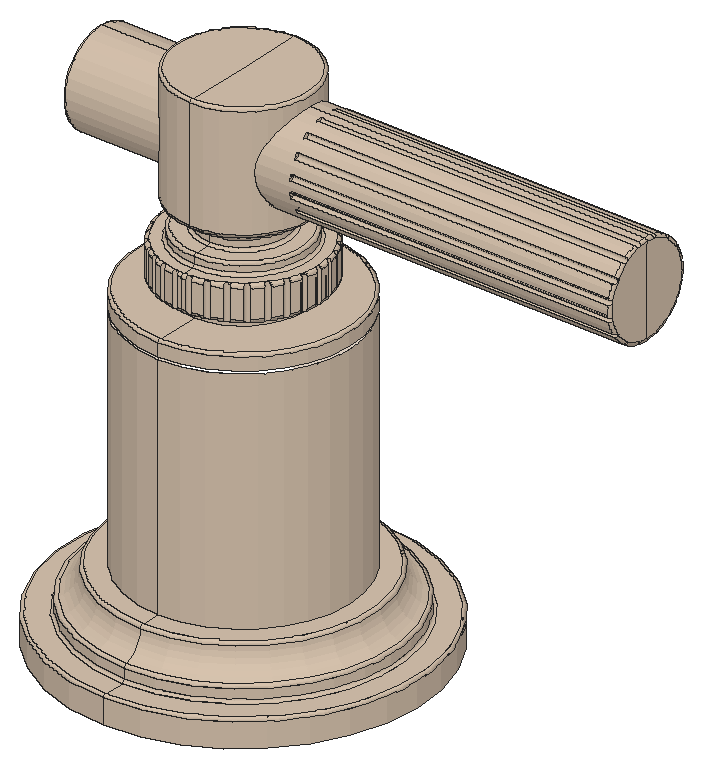
Revit family "Faucet-Handle-KALLISTA-Central_Park_West-P21248", category Plumbing Fixtures, host Face, Revit 2021
Family settings
  Host = Face
  Round Connector Dimension = Use Diameter
  Part Type = Normal
  OmniClass Number = 23.31.11.00
  OmniClass Title = Faucets
  Cut with Voids When Loaded = No
  Shared = No
  Room Calculation Point = No
Parameters (values of type "BAF-Brushed French Gold")
  Width = 2 67/128"  # constant formula
  WaterSense Certified = 1 = 0  # no
  Waste Water Outlet = "Waste Water Outlet"  # constant formula
  Waste Connection = 1 = 0  # no
  Vent Connection = 1 = 0  # no
  URL = "https://www.kallista.com/"
  Type = 1
  Spout Reach = 0"
  Product Page URL = "https://www.kallista.com/bathroom/faucets/diverters/central-park-west-deck-mount-diverter-lever-handle-p21248-lv-baf"
  Product Name = "CENTRAL PARK WEST"  # constant formula
  Product Documentation Link = "https://resources.kohler.com/interiors/kallista/pdf/1363538-4.pdf"
  Pressure = 0.00 psi
  Model = if(Type = 1, "P21248-LV-BAF", if(Type = 2, "P21248-LV-BN", if(Type = 3, "P21248-LV-BV", if(Type = 4, "P21248-LV-CP", if(Type = 5, "P21248-LV-SN", if(Type = 6, "P21248-LV-ULB", "NA"))))))  # "P21248-LV-BAF"
  Material = "Premium Metal Construction"  # constant formula
  Master Format 2014 Name = "Residential Faucets, Supplies, and Trim"  # constant formula
  Master Format 2014 = "22 41 39"  # constant formula
  Manufacturer Address = "444 Highland Dr, Kohler, WI 53044"  # constant formula
  Manufacturer = "Kallista Co."  # constant formula
  Length = 2 67/128"  # constant formula
  Hot Water Inlet = "Hot Water Inlet"  # constant formula
  Height = 3 179/256"  # constant formula
  Handle Clearance = 2 235/256"  # constant formula
  HW Connection = 1 = 0  # no
  Flow Rate = 0 GPM
  Finish = Kallista-Metal-BAF-Brushed_French_Gold
  Faucet Hole Spacing = 0"
  Environmental Product Declaration = ""
  Drain Included = 1 = 0  # no
  Description = "DECK-MOUNT DIVERTER, LEVER HANDLE"  # constant formula
  Default Elevation = 36"
  Declare Label = ""
  Date Modified = "11/01/2022"  # constant formula
  Date Created = "11/01/2022"  # constant formula
  Copyright = "Copyright Kohler Co."  # constant formula
  Contact Us = "https://www.kallista.com/corporate/contact-us/"
  Cold Water Inlet = "Cold Water Inlet"  # constant formula
  CW Connection = 1 = 1  # yes
  Assembly Code = "D2010"
  ADA Compliant = 1 = 1  # yes
Reference planes (in)
  plane 1 "Center (Front/Back)": y = 0
  plane 2: z = 0
  plane 3 "Center (Left/Right)": x = 0
  plane 4: z = 3.61417
  plane 5: z = 2.94882
  plane 6: x = 1.26181
  plane 7: x = -1.26181
  plane 8: z = 3.69899
  plane 9: z = 3.2815
  plane 10: z = 2.94882
  plane 11: z = 3.69922
  plane 12: z = 3.2815
  plane 13: x = -2.69522
  plane 14: x = 1.26181
  plane 15: x = -2.69522
  plane 16: x = 1.26163
  plane 17: z = 3.61417
  plane 18: y = 0.76772
  plane 19: y = -0.76772
  plane 20: y = 1.26181
  plane 21: y = -1.26181
  plane 22: y = 1.26181
  plane 23: y = 0.76772
  plane 24: y = -0.76772
  plane 25: y = -1.26163
  plane 26: x = 2.91732
  plane 27: x = 2.91797
  plane 28: x = 2.91732
  plane 29: x = -1.03971
Dimensions and locks (in)
  "Length": plane 7 to plane 16
  "Width": plane 25 to plane 22
  "Handle Clearance": plane 3 "Center (Left/Right)" to plane 27
  "Height": plane 11 to level
  aligned and locked: plane 2 to host face
  aligned and locked: level to host face
Automatic sketch dimensions
  host sketch curve to host sketch curve = 96"  (x2)
Nested families (in)
  nested 1: "P21248" at (0, 0, 0), type "P21248"
Connectors (in)
  piping at (0, 0, 0), diameter 0.5, driven by "CW Connection", driven by "Cold Water Inlet"
    settings: on nested 1, index 1, connector inside diameter 24", connector length 0", flow factor 0, pipe flow 0 GPM, pressure drop 0.00 psi, fitting loss kfactor 0, connector angle 0.00°, fixture units 0, engagement length 0", angle of deflection 0.00°, flow configuration 0, flow direction 1, fitting loss method 0, system type 20, joint type 0, gender type 0, connector reference index -1, connector utility 1, adjustable connector no, is connector primary yes, connector description "Cold Water Inlet"
Definition of nested family "P21248"
  Parameters (values of type "P21248")
    Material = none
    Default Elevation = 0"
  Reference planes (in)
    plane 1 "Center (Front/Back)": y = 0
    plane 2: z = 0
    plane 3 "Center (Left/Right)": x = 0
    plane 4: y = 1.26181
    plane 5: y = -1.26181
    plane 6: y = 0.76772
    plane 7: y = -0.76772
    plane 8: z = 3.61417
    plane 9: z = 3.69899
    plane 10: z = 2.94882
    plane 11: y = 0.33268
    plane 12: y = -0.33268
    plane 13: x = -1.26181
    plane 14: x = 1.26181
    plane 15: x = 2.91732
    plane 16: z = 3.2815
  Forms (in)
    Revolve 1, solid, material <- "Material", detail levels medium+fine
      sketch origin (0, 0, 0) x (0, 1, 0) y (0, 0, 1)
        loop
          line (0, 0) -> (0, 3.69899) -> (-0.459, 3.69899)
          arc (-0.459, 3.69899) -> (-0.47288, 3.69324) -> (-0.47863, 3.67936) r 0.01963
          line (-0.47863, 3.67936) -> (-0.47863, 2.88259)
          arc (-0.47863, 2.88259) -> (-0.47286, 2.86867) -> (-0.45894, 2.86291) r 0.01969
          line (-0.45894, 2.86291) -> (-0.40221, 2.86291)
          arc (-0.40221, 2.86291) -> (-0.38829, 2.85714) -> (-0.38252, 2.84322) r 0.01969
          line (-0.38252, 2.84322) -> (-0.38252, 2.81168)
          arc (-0.38252, 2.81168) -> (-0.37676, 2.79776) -> (-0.36284, 2.79199) r 0.01969
          line (-0.36284, 2.79199) -> (-0.32065, 2.79199)
          arc (-0.32065, 2.79199) -> (-0.30674, 2.78623) -> (-0.30097, 2.77231) r 0.01969
          line (-0.30097, 2.77231) -> (-0.30097, 2.70343)
          arc (-0.30097, 2.70343) -> (-0.30678, 2.68941) -> (-0.3208, 2.6836) r 0.01983
          line (-0.3208, 2.6836) -> (-0.42084, 2.6836)
          arc (-0.42084, 2.6836) -> (-0.43475, 2.67784) -> (-0.44052, 2.66392) r 0.01969
          line (-0.44052, 2.66392) -> (-0.44052, 2.62111)
          arc (-0.44052, 2.62111) -> (-0.44632, 2.60711) -> (-0.46032, 2.60131) r 0.0198
          line (-0.46032, 2.60131) -> (-0.53478, 2.60131)
          arc (-0.53478, 2.60131) -> (-0.54972, 2.59512) -> (-0.55592, 2.58018) r 0.02114
          line (-0.55592, 2.58018) -> (-0.55592, 2.37569)
          arc (-0.55592, 2.37569) -> (-0.55015, 2.36177) -> (-0.53623, 2.35601) r 0.01969
          line (-0.53623, 2.35601) -> (-0.45986, 2.35601)
          arc (-0.45986, 2.35601) -> (-0.44594, 2.35024) -> (-0.44018, 2.33632) r 0.01969
          line (-0.44018, 2.33632) -> (-0.44018, 2.2741) -> (-0.74814, 2.2741)
          arc (-0.74814, 2.2741) -> (-0.76198, 2.26837) -> (-0.76772, 2.25452) r 0.01958
          line (-0.76772, 2.25452) -> (-0.76772, 2.16416) -> (-0.73471, 2.16416) -> (-0.76772, 2.14433) -> (-0.76772, 0.49518) -> (-0.90199, 0.49518)
          arc (-0.90199, 0.49518) -> (-0.91692, 0.48911) -> (-0.92339, 0.47436) r 0.02141
          arc (-0.92339, 0.47436) -> (-0.95903, 0.36902) -> (-1.04772, 0.30195) r 0.18903
          arc (-1.04772, 0.30195) -> (-1.06481, 0.2956) -> (-1.07199, 0.27884) r 0.02314
          line (-1.07199, 0.27884) -> (-1.07199, 0.21271)
          arc (-1.07199, 0.21271) -> (-1.07775, 0.19879) -> (-1.09167, 0.19302) r 0.01969
          line (-1.09167, 0.19302) -> (-1.24206, 0.19302)
          arc (-1.24206, 0.19302) -> (-1.25603, 0.18724) -> (-1.26181, 0.17327) r 0.01975
          line (-1.26181, 0.17327) -> (-1.26181, 0) -> (0, 0)
        axis (0, 0) -> (0, 3.69899)
      angle from 0 to 360
    Extrusion 2, void
      sketch origin (0, 0, 0) x (1, 0, 0) y (0, 1, 0)
        loop
          arc (0.03127, 0.55501) -> (0.04958, 0.5335) -> (0.07135, 0.5515) r 0.02012
          line (0.07135, 0.5515) -> (0.08075, 0.58655) -> (0.03127, 0.58655) -> (0.03127, 0.55501)
      from 2.33004 to 2.65106
    Extrusion 3, void
      sketch origin (0, 0, 0) x (0.982955, -0.183844, 0) y (0.183844, 0.982955, 0)
        loop
          arc (0.03127, 0.55501) -> (0.04958, 0.5335) -> (0.07135, 0.5515) r 0.02012
          line (0.07135, 0.5515) -> (0.08075, 0.58655) -> (0.03127, 0.58655) -> (0.03127, 0.55501)
      from 2.33004 to 2.65106
    Extrusion 4, void
      sketch origin (0, 0, 0) x (0.932431, -0.361348, 0) y (0.361348, 0.932431, 0)
        loop
          arc (0.03127, 0.55501) -> (0.04958, 0.5335) -> (0.07135, 0.5515) r 0.02012
          line (0.07135, 0.5515) -> (0.08075, 0.58655) -> (0.03127, 0.58655) -> (0.03127, 0.55501)
      from 2.33004 to 2.65106
    Extrusion 5, void
      sketch origin (0, 0, 0) x (0.850106, -0.526611, 0) y (0.526611, 0.850106, 0)
        loop
          arc (0.03127, 0.55501) -> (0.04958, 0.5335) -> (0.07135, 0.5515) r 0.02012
          line (0.07135, 0.5515) -> (0.08075, 0.58655) -> (0.03127, 0.58655) -> (0.03127, 0.55501)
      from 2.33004 to 2.65106
    Extrusion 6, void
      sketch origin (0, 0, 0) x (0.735592, -0.677425, 0) y (0.677425, 0.735592, 0)
        loop
          arc (0.03127, 0.55501) -> (0.04958, 0.5335) -> (0.07135, 0.5515) r 0.02012
          line (0.07135, 0.5515) -> (0.08075, 0.58655) -> (0.03127, 0.58655) -> (0.03127, 0.55501)
      from 2.33004 to 2.65106
    Extrusion 7, void
      sketch origin (0, 0, 0) x (0.599261, -0.800554, 0) y (0.800554, 0.599261, 0)
        loop
          arc (0.03127, 0.55501) -> (0.04958, 0.5335) -> (0.07135, 0.5515) r 0.02012
          line (0.07135, 0.5515) -> (0.08075, 0.58655) -> (0.03127, 0.58655) -> (0.03127, 0.55501)
      from 2.33004 to 2.65106
    Extrusion 8, void
      sketch origin (0, 0, 0) x (0.44187, -0.897079, 0) y (0.897079, 0.44187, 0)
        loop
          arc (0.03127, 0.55501) -> (0.04958, 0.5335) -> (0.07135, 0.5515) r 0.02012
          line (0.07135, 0.5515) -> (0.08075, 0.58655) -> (0.03127, 0.58655) -> (0.03127, 0.55501)
      from 2.33004 to 2.65106
    Extrusion 9, void
      sketch origin (0, 0, 0) x (0.264836, -0.964293, 0) y (0.964293, 0.264836, 0)
        loop
          arc (0.03127, 0.55501) -> (0.04958, 0.5335) -> (0.07135, 0.5515) r 0.02012
          line (0.07135, 0.5515) -> (0.08075, 0.58655) -> (0.03127, 0.58655) -> (0.03127, 0.55501)
      from 2.33004 to 2.65106
    Extrusion 10, void
      sketch origin (0, 0, 0) x (-1, 0, 0) y (0, -1, 0)
        loop
          line (0.03127, -0.55501) -> (0.03127, -0.58655) -> (0.08075, -0.58655) -> (0.07135, -0.5515)
          arc (0.07135, -0.5515) -> (0.04958, -0.5335) -> (0.03127, -0.55501) r 0.02012
      from 2.33004 to 2.65106
    Extrusion 11, void
      sketch origin (0, 0, 0) x (-0.982955, -0.183844, 0) y (0.183844, -0.982955, 0)
        loop
          line (0.03127, -0.55501) -> (0.03127, -0.58655) -> (0.08075, -0.58655) -> (0.07135, -0.5515)
          arc (0.07135, -0.5515) -> (0.04958, -0.5335) -> (0.03127, -0.55501) r 0.02012
      from 2.33004 to 2.65106
    Extrusion 12, void
      sketch origin (0, 0, 0) x (-0.932431, -0.361348, 0) y (0.361348, -0.932431, 0)
        loop
          line (0.03127, -0.55501) -> (0.03127, -0.58655) -> (0.08075, -0.58655) -> (0.07135, -0.5515)
          arc (0.07135, -0.5515) -> (0.04958, -0.5335) -> (0.03127, -0.55501) r 0.02012
      from 2.33004 to 2.65106
    Extrusion 13, void
      sketch origin (0, 0, 0) x (-0.850106, -0.526611, 0) y (0.526611, -0.850106, 0)
        loop
          line (0.03127, -0.55501) -> (0.03127, -0.58655) -> (0.08075, -0.58655) -> (0.07135, -0.5515)
          arc (0.07135, -0.5515) -> (0.04958, -0.5335) -> (0.03127, -0.55501) r 0.02012
      from 2.33004 to 2.65106
    Extrusion 14, void
      sketch origin (0, 0, 0) x (-0.735592, -0.677425, 0) y (0.677425, -0.735592, 0)
        loop
          line (0.03127, -0.55501) -> (0.03127, -0.58655) -> (0.08075, -0.58655) -> (0.07135, -0.5515)
          arc (0.07135, -0.5515) -> (0.04958, -0.5335) -> (0.03127, -0.55501) r 0.02012
      from 2.33004 to 2.65106
    Extrusion 15, void
      sketch origin (0, 0, 0) x (-0.599261, -0.800554, 0) y (0.800554, -0.599261, 0)
        loop
          line (0.03127, -0.55501) -> (0.03127, -0.58655) -> (0.08075, -0.58655) -> (0.07135, -0.5515)
          arc (0.07135, -0.5515) -> (0.04958, -0.5335) -> (0.03127, -0.55501) r 0.02012
      from 2.33004 to 2.65106
    Extrusion 16, void
      sketch origin (0, 0, 0) x (-0.44187, -0.897079, 0) y (0.897079, -0.44187, 0)
        loop
          line (0.03127, -0.55501) -> (0.03127, -0.58655) -> (0.08075, -0.58655) -> (0.07135, -0.5515)
          arc (0.07135, -0.5515) -> (0.04958, -0.5335) -> (0.03127, -0.55501) r 0.02012
      from 2.33004 to 2.65106
    Extrusion 17, void
      sketch origin (0, 0, 0) x (-0.264836, -0.964293, 0) y (0.964293, -0.264836, 0)
        loop
          line (0.03127, -0.55501) -> (0.03127, -0.58655) -> (0.08075, -0.58655) -> (0.07135, -0.5515)
          arc (0.07135, -0.5515) -> (0.04958, -0.5335) -> (0.03127, -0.55501) r 0.02012
      from 2.33004 to 2.65106
    Extrusion 18, void
      sketch origin (0, 0, 0) x (-1, 0, 0) y (0, -1, 0)
        loop
          arc (0.03127, 0.55501) -> (0.04958, 0.5335) -> (0.07135, 0.5515) r 0.02012
          line (0.07135, 0.5515) -> (0.08075, 0.58655) -> (0.03127, 0.58655) -> (0.03127, 0.55501)
      from 2.33004 to 2.65106
    Extrusion 19, void
      sketch origin (0, 0, 0) x (-0.982955, 0.183844, 0) y (-0.183844, -0.982955, 0)
        loop
          arc (0.03127, 0.55501) -> (0.04958, 0.5335) -> (0.07135, 0.5515) r 0.02012
          line (0.07135, 0.5515) -> (0.08075, 0.58655) -> (0.03127, 0.58655) -> (0.03127, 0.55501)
      from 2.33004 to 2.65106
    Extrusion 20, void
      sketch origin (0, 0, 0) x (-0.932431, 0.361348, 0) y (-0.361348, -0.932431, 0)
        loop
          arc (0.03127, 0.55501) -> (0.04958, 0.5335) -> (0.07135, 0.5515) r 0.02012
          line (0.07135, 0.5515) -> (0.08075, 0.58655) -> (0.03127, 0.58655) -> (0.03127, 0.55501)
      from 2.33004 to 2.65106
    Extrusion 21, void
      sketch origin (0, 0, 0) x (-0.850106, 0.526611, 0) y (-0.526611, -0.850106, 0)
        loop
          arc (0.03127, 0.55501) -> (0.04958, 0.5335) -> (0.07135, 0.5515) r 0.02012
          line (0.07135, 0.5515) -> (0.08075, 0.58655) -> (0.03127, 0.58655) -> (0.03127, 0.55501)
      from 2.33004 to 2.65106
    Extrusion 22, void
      sketch origin (0, 0, 0) x (-0.735592, 0.677425, 0) y (-0.677425, -0.735592, 0)
        loop
          arc (0.03127, 0.55501) -> (0.04958, 0.5335) -> (0.07135, 0.5515) r 0.02012
          line (0.07135, 0.5515) -> (0.08075, 0.58655) -> (0.03127, 0.58655) -> (0.03127, 0.55501)
      from 2.33004 to 2.65106
    Extrusion 23, void
      sketch origin (0, 0, 0) x (-0.599261, 0.800554, 0) y (-0.800554, -0.599261, 0)
        loop
          arc (0.03127, 0.55501) -> (0.04958, 0.5335) -> (0.07135, 0.5515) r 0.02012
          line (0.07135, 0.5515) -> (0.08075, 0.58655) -> (0.03127, 0.58655) -> (0.03127, 0.55501)
      from 2.33004 to 2.65106
    Extrusion 24, void
      sketch origin (0, 0, 0) x (-0.44187, 0.897079, 0) y (-0.897079, -0.44187, 0)
        loop
          arc (0.03127, 0.55501) -> (0.04958, 0.5335) -> (0.07135, 0.5515) r 0.02012
          line (0.07135, 0.5515) -> (0.08075, 0.58655) -> (0.03127, 0.58655) -> (0.03127, 0.55501)
      from 2.33004 to 2.65106
    Extrusion 25, void
      sketch origin (0, 0, 0) x (-0.264836, 0.964293, 0) y (-0.964293, -0.264836, 0)
        loop
          arc (0.03127, 0.55501) -> (0.04958, 0.5335) -> (0.07135, 0.5515) r 0.02012
          line (0.07135, 0.5515) -> (0.08075, 0.58655) -> (0.03127, 0.58655) -> (0.03127, 0.55501)
      from 2.33004 to 2.65106
    Extrusion 26, void
      sketch origin (0, 0, 0) x (-0.983163, -0.182733, 0) y (0.182733, -0.983163, 0)
        loop
          arc (0.03127, 0.55501) -> (0.04958, 0.5335) -> (0.07135, 0.5515) r 0.02012
          line (0.07135, 0.5515) -> (0.08075, 0.58655) -> (0.03127, 0.58655) -> (0.03127, 0.55501)
      from 2.33004 to 2.65106
    Extrusion 27, void
      sketch origin (0, 0, 0) x (-0.923686, -0.383151, 0) y (0.383151, -0.923686, 0)
        loop
          arc (0.03127, 0.55501) -> (0.04958, 0.5335) -> (0.07135, 0.5515) r 0.02012
          line (0.07135, 0.5515) -> (0.08075, 0.58655) -> (0.03127, 0.58655) -> (0.03127, 0.55501)
      from 2.33004 to 2.65106
    Extrusion 28, void
      sketch origin (0, 0, 0) x (-0.823839, -0.566823, 0) y (0.566823, -0.823839, 0)
        loop
          arc (0.03127, 0.55501) -> (0.04958, 0.5335) -> (0.07135, 0.5515) r 0.02012
          line (0.07135, 0.5515) -> (0.08075, 0.58655) -> (0.03127, 0.58655) -> (0.03127, 0.55501)
      from 2.33004 to 2.65106
    Extrusion 29, void
      sketch origin (0, 0, 0) x (-0.687987, -0.725723, 0) y (0.725723, -0.687987, 0)
        loop
          arc (0.03127, 0.55501) -> (0.04958, 0.5335) -> (0.07135, 0.5515) r 0.02012
          line (0.07135, 0.5515) -> (0.08075, 0.58655) -> (0.03127, 0.58655) -> (0.03127, 0.55501)
      from 2.33004 to 2.65106
    Extrusion 30, void
      sketch origin (0, 0, 0) x (-0.522067, -0.852904, 0) y (0.852904, -0.522067, 0)
        loop
          arc (0.03127, 0.55501) -> (0.04958, 0.5335) -> (0.07135, 0.5515) r 0.02012
          line (0.07135, 0.5515) -> (0.08075, 0.58655) -> (0.03127, 0.58655) -> (0.03127, 0.55501)
      from 2.33004 to 2.65106
    Extrusion 31, void
      sketch origin (0, 0, 0) x (-0.33333, -0.94281, 0) y (0.94281, -0.33333, 0)
        loop
          arc (0.03127, 0.55501) -> (0.04958, 0.5335) -> (0.07135, 0.5515) r 0.02012
          line (0.07135, 0.5515) -> (0.08075, 0.58655) -> (0.03127, 0.58655) -> (0.03127, 0.55501)
      from 2.33004 to 2.65106
    Extrusion 32, void
      sketch origin (0, 0, 0) x (-0.130024, -0.991511, 0) y (0.991511, -0.130024, 0)
        loop
          arc (0.03127, 0.55501) -> (0.04958, 0.5335) -> (0.07135, 0.5515) r 0.02012
          line (0.07135, 0.5515) -> (0.08075, 0.58655) -> (0.03127, 0.58655) -> (0.03127, 0.55501)
      from 2.33004 to 2.65106
    Extrusion 33, void
      sketch origin (0, 0, 0) x (0.078964, -0.996877, 0) y (0.996877, 0.078964, 0)
        loop
          arc (0.03127, 0.55501) -> (0.04958, 0.5335) -> (0.07135, 0.5515) r 0.02012
          line (0.07135, 0.5515) -> (0.08075, 0.58655) -> (0.03127, 0.58655) -> (0.03127, 0.55501)
      from 2.33004 to 2.65106
    Extrusion 34, void
      sketch origin (0, 0, 0) x (-0.078964, -0.996877, 0) y (0.996877, -0.078964, 0)
        loop
          line (0.03127, -0.55501) -> (0.03127, -0.58655) -> (0.08075, -0.58655) -> (0.07135, -0.5515)
          arc (0.07135, -0.5515) -> (0.04958, -0.5335) -> (0.03127, -0.55501) r 0.02012
      from 2.33004 to 2.65106
    Extrusion 35, void
      sketch origin (0, 0, 0) x (0, 1, 0) y (0, 0, 1)
        loop
          arc (0.05247, 3.61001) -> (0.06758, 3.58623) -> (0.09132, 3.60139) r 0.0199
          line (0.09132, 3.60139) -> (0.1058, 3.63245) -> (0.06092, 3.64771) -> (0.05247, 3.61001)
      from 0.6012 to 2.96127
    Extrusion 36, void
      sketch origin (0, -1.25575, 0.24978) x (0, 0.923882, -0.382677) y (0, 0.382677, 0.923882)
        loop
          arc (0.05247, 3.61001) -> (0.06758, 3.58623) -> (0.09132, 3.60139) r 0.0199
          line (0.09132, 3.60139) -> (0.1058, 3.63245) -> (0.06092, 3.64771) -> (0.05247, 3.61001)
      from 0.6012 to 2.96127
    Extrusion 37, void
      sketch origin (0, -2.32179, 0.96255) x (0, 0.706672, -0.707541) y (0, 0.707541, 0.706672)
        loop
          arc (0.05247, 3.61001) -> (0.06758, 3.58623) -> (0.09132, 3.60139) r 0.0199
          line (0.09132, 3.60139) -> (0.1058, 3.63245) -> (0.06092, 3.64771) -> (0.05247, 3.61001)
      from 0.6012 to 2.96127
    Extrusion 38, void
      sketch origin (0, -3.03413, 2.03159) x (0, 0.380896, -0.924618) y (0, 0.924618, 0.380896)
        loop
          arc (0.05247, 3.61001) -> (0.06758, 3.58623) -> (0.09132, 3.60139) r 0.0199
          line (0.09132, 3.60139) -> (0.1058, 3.63245) -> (0.06092, 3.64771) -> (0.05247, 3.61001)
      from 0.6012 to 2.96127
    Extrusion 39, void
      sketch origin (0, 0, 0) x (0, -1, 0) y (0, 0, -1)
        loop
          line (0.05247, -3.61001) -> (0.06092, -3.64771) -> (0.1058, -3.63245) -> (0.09132, -3.60139)
          arc (0.09132, -3.60139) -> (0.06758, -3.58623) -> (0.05247, -3.61001) r 0.0199
      from 0.6012 to 2.96127
    Extrusion 40, void
      sketch origin (0, 1.25575, 0.24978) x (0, -0.923882, -0.382677) y (0, 0.382677, -0.923882)
        loop
          line (0.05247, -3.61001) -> (0.06092, -3.64771) -> (0.1058, -3.63245) -> (0.09132, -3.60139)
          arc (0.09132, -3.60139) -> (0.06758, -3.58623) -> (0.05247, -3.61001) r 0.0199
      from 0.6012 to 2.96127
    Extrusion 41, void
      sketch origin (0, 2.32179, 0.96255) x (0, -0.706672, -0.707541) y (0, 0.707541, -0.706672)
        loop
          line (0.05247, -3.61001) -> (0.06092, -3.64771) -> (0.1058, -3.63245) -> (0.09132, -3.60139)
          arc (0.09132, -3.60139) -> (0.06758, -3.58623) -> (0.05247, -3.61001) r 0.0199
      from 0.6012 to 2.96127
    Extrusion 42, void
      sketch origin (0, 3.03413, 2.03159) x (0, -0.380896, -0.924618) y (0, 0.924618, -0.380896)
        loop
          line (0.05247, -3.61001) -> (0.06092, -3.64771) -> (0.1058, -3.63245) -> (0.09132, -3.60139)
          arc (0.09132, -3.60139) -> (0.06758, -3.58623) -> (0.05247, -3.61001) r 0.0199
      from 0.6012 to 2.96127
    Extrusion 43, void
      sketch origin (0, 0, 6.56299) x (0, 1, 0) y (0, 0, 1)
        loop
          line (0.05247, -3.61001) -> (0.06092, -3.64771) -> (0.1058, -3.63245) -> (0.09132, -3.60139)
          arc (0.09132, -3.60139) -> (0.06758, -3.58623) -> (0.05247, -3.61001) r 0.0199
      from 0.6012 to 2.96127
    Extrusion 44, void
      sketch origin (0, -1.25575, 6.31321) x (0, 0.923882, 0.382677) y (0, -0.382677, 0.923882)
        loop
          line (0.05247, -3.61001) -> (0.06092, -3.64771) -> (0.1058, -3.63245) -> (0.09132, -3.60139)
          arc (0.09132, -3.60139) -> (0.06758, -3.58623) -> (0.05247, -3.61001) r 0.0199
      from 0.6012 to 3.04547
    Extrusion 45, void
      sketch origin (0, -2.32179, 5.60044) x (0, 0.706672, 0.707541) y (0, -0.707541, 0.706672)
        loop
          line (0.05247, -3.61001) -> (0.06092, -3.64771) -> (0.1058, -3.63245) -> (0.09132, -3.60139)
          arc (0.09132, -3.60139) -> (0.06758, -3.58623) -> (0.05247, -3.61001) r 0.0199
      from 0.6012 to 2.96127
    Extrusion 46, void
      sketch origin (0, -3.03413, 4.53141) x (0, 0.380896, 0.924618) y (0, -0.924618, 0.380896)
        loop
          line (0.05247, -3.61001) -> (0.06092, -3.64771) -> (0.1058, -3.63245) -> (0.09132, -3.60139)
          arc (0.09132, -3.60139) -> (0.06758, -3.58623) -> (0.05247, -3.61001) r 0.0199
      from 0.6012 to 2.96127
    Extrusion 47, void
      sketch origin (0, 0, 6.56299) x (0, -1, 0) y (0, 0, -1)
        loop
          arc (0.05247, 3.61001) -> (0.06758, 3.58623) -> (0.09132, 3.60139) r 0.0199
          line (0.09132, 3.60139) -> (0.1058, 3.63245) -> (0.06092, 3.64771) -> (0.05247, 3.61001)
      from 0.6012 to 2.96127
    Extrusion 48, void
      sketch origin (0, 1.25575, 6.31321) x (0, -0.923882, 0.382677) y (0, -0.382677, -0.923882)
        loop
          arc (0.05247, 3.61001) -> (0.06758, 3.58623) -> (0.09132, 3.60139) r 0.0199
          line (0.09132, 3.60139) -> (0.1058, 3.63245) -> (0.06092, 3.64771) -> (0.05247, 3.61001)
      from 0.6012 to 2.96127
    Extrusion 49, void
      sketch origin (0, 2.32179, 5.60044) x (0, -0.706672, 0.707541) y (0, -0.707541, -0.706672)
        loop
          arc (0.05247, 3.61001) -> (0.06758, 3.58623) -> (0.09132, 3.60139) r 0.0199
          line (0.09132, 3.60139) -> (0.1058, 3.63245) -> (0.06092, 3.64771) -> (0.05247, 3.61001)
      from 0.6012 to 2.96127
    Extrusion 50, void
      sketch origin (0, 3.03413, 4.53141) x (0, -0.380896, 0.924618) y (0, -0.924618, -0.380896)
        loop
          arc (0.05247, 3.61001) -> (0.06758, 3.58623) -> (0.09132, 3.60139) r 0.0199
          line (0.09132, 3.60139) -> (0.1058, 3.63245) -> (0.06092, 3.64771) -> (0.05247, 3.61001)
      from 0.6012 to 2.96127
    Revolve 51, solid, material <- "Material", detail levels medium+fine
      sketch origin (0, 0, 0) x (1, 0, 0) y (0, 0, 1)
        loop
          line (-1.03848, 3.2815) -> (2.91732, 3.2815) -> (2.91732, 3.59449)
          arc (2.91732, 3.59449) -> (2.91156, 3.60841) -> (2.89764, 3.61417) r 0.01969
          line (2.89764, 3.61417) -> (-1.01879, 3.61417)
          arc (-1.01879, 3.61417) -> (-1.03271, 3.60841) -> (-1.03848, 3.59449) r 0.01969
          line (-1.03848, 3.59449) -> (-1.03848, 3.2815)
        axis (-1.03848, 3.2815) -> (2.91732, 3.2815)
      angle from 0 to 360
    Revolve 52, solid, material <- "Material", detail levels coarse
      sketch origin (0, 0, 0) x (1, 0, 0) y (0, 0, 1)
        loop
          line (-0.00264, 0) -> (-0.00264, 3.70045) -> (-0.47712, 3.70045) -> (-0.47712, 2.95006) -> (-0.47712, 2.86291) -> (-0.38324, 2.86291) -> (-0.38324, 2.79199) -> (-0.29978, 2.79199) -> (-0.29978, 2.68562) -> (-0.43996, 2.68562) -> (-0.43996, 2.60334) -> (-0.5582, 2.60334) -> (-0.5582, 2.35589) -> (-0.44112, 2.35589) -> (-0.44112, 2.26683) -> (-0.76772, 2.26683) -> (-0.76772, 2.16416) -> (-0.73471, 2.16416) -> (-0.76772, 2.14433) -> (-0.76772, 0.49518) -> (-0.90199, 0.49518) -> (-1.09016, 0.19685) -> (-1.26181, 0.19685) -> (-1.26181, 0) -> (-0.00264, 0)
        axis (0, 0) -> (0, 3.70045)
      angle from 0 to 360
    Revolve 53, solid, material <- "Material", detail levels coarse
      sketch origin (0, 0, 0) x (1, 0, 0) y (0, 0, 1)
        loop
          line (-1.03848, 3.2815) -> (2.91732, 3.2815) -> (2.91732, 3.61417) -> (-1.03848, 3.61417) -> (-1.03848, 3.2815)
        axis (-1.03848, 3.2815) -> (2.91732, 3.2815)
      angle from 0 to 360
  Cuts and joins
    Extrusion 2, Extrusion 3, Extrusion 4, Extrusion 5, Extrusion 6, Extrusion 7, Extrusion 8, Extrusion 9, Extrusion 10, Extrusion 11, Extrusion 12, Extrusion 13, Extrusion 14, Extrusion 15, Extrusion 16, Extrusion 17, Extrusion 18, Extrusion 19, Extrusion 20, Extrusion 21, Extrusion 22, Extrusion 23, Extrusion 24, Extrusion 25, Extrusion 26, Extrusion 27, Extrusion 28, Extrusion 29, Extrusion 30, Extrusion 31, Extrusion 32, Extrusion 33, Extrusion 34, Extrusion 35 cuts Revolve 1
    Extrusion 35, Extrusion 36, Extrusion 37, Extrusion 38, Extrusion 39, Extrusion 40, Extrusion 41, Extrusion 42, Extrusion 43, Extrusion 44, Extrusion 45, Extrusion 46, Extrusion 47, Extrusion 48, Extrusion 49, Extrusion 50 cuts Revolve 51
  Lines and regions (in)
    Masking region 1
      outline origin (0, 0, 0) x (0, 1, 0) y (0, 0, 1)
        loop
          line (0, 0) -> (1.26181, 0) -> (1.26181, 0.17327)
          arc (1.26181, 0.17327) -> (1.25603, 0.18724) -> (1.24206, 0.19302) r 0.01975
          line (1.24206, 0.19302) -> (1.09167, 0.19302)
          arc (1.09167, 0.19302) -> (1.07775, 0.19879) -> (1.07199, 0.21271) r 0.01969
          line (1.07199, 0.21271) -> (1.07199, 0.27884)
          arc (1.07199, 0.27884) -> (1.06481, 0.2956) -> (1.04772, 0.30195) r 0.02314
          arc (1.04772, 0.30195) -> (0.95903, 0.36902) -> (0.92339, 0.47436) r 0.18903
          arc (0.92339, 0.47436) -> (0.91692, 0.48911) -> (0.90199, 0.49518) r 0.02141
          line (0.90199, 0.49518) -> (0.76772, 0.49518) -> (0.76772, 2.14433) -> (0.73471, 2.16416) -> (0.76772, 2.16416) -> (0.76772, 2.25452)
          arc (0.76772, 2.25452) -> (0.76198, 2.26837) -> (0.74814, 2.2741) r 0.01958
          line (0.74814, 2.2741) -> (0.44018, 2.2741) -> (0.44018, 2.33632)
          arc (0.44018, 2.33632) -> (0.44594, 2.35024) -> (0.45986, 2.35601) r 0.01969
          line (0.45986, 2.35601) -> (0.53623, 2.35601)
          arc (0.53623, 2.35601) -> (0.55015, 2.36177) -> (0.55592, 2.37569) r 0.01969
          line (0.55592, 2.37569) -> (0.55592, 2.58018)
          arc (0.55592, 2.58018) -> (0.54972, 2.59512) -> (0.53478, 2.60131) r 0.02114
          line (0.53478, 2.60131) -> (0.46032, 2.60131)
          arc (0.46032, 2.60131) -> (0.44632, 2.60711) -> (0.44052, 2.62111) r 0.0198
          line (0.44052, 2.62111) -> (0.44052, 2.66392)
          arc (0.44052, 2.66392) -> (0.43475, 2.67784) -> (0.42084, 2.6836) r 0.01969
          line (0.42084, 2.6836) -> (0.3208, 2.6836)
          arc (0.3208, 2.6836) -> (0.30678, 2.68941) -> (0.30097, 2.70343) r 0.01983
          line (0.30097, 2.70343) -> (0.30097, 2.77231)
          arc (0.30097, 2.77231) -> (0.30674, 2.78623) -> (0.32065, 2.79199) r 0.01969
          line (0.32065, 2.79199) -> (0.36284, 2.79199)
          arc (0.36284, 2.79199) -> (0.37676, 2.79776) -> (0.38252, 2.81168) r 0.01969
          line (0.38252, 2.81168) -> (0.38252, 2.84322)
          arc (0.38252, 2.84322) -> (0.38829, 2.85714) -> (0.40221, 2.86291) r 0.01969
          line (0.40221, 2.86291) -> (0.45894, 2.86291)
          arc (0.45894, 2.86291) -> (0.47286, 2.86867) -> (0.47863, 2.88259) r 0.01969
          line (0.47863, 2.88259) -> (0.47863, 3.67936)
          arc (0.47863, 3.67936) -> (0.47288, 3.69324) -> (0.459, 3.69899) r 0.01963
          line (0.459, 3.69899) -> (0, 3.69899) -> (-0.459, 3.69899)
          arc (-0.459, 3.69899) -> (-0.47288, 3.69324) -> (-0.47863, 3.67936) r 0.01963
          line (-0.47863, 3.67936) -> (-0.47863, 2.88259)
          arc (-0.47863, 2.88259) -> (-0.47286, 2.86867) -> (-0.45894, 2.86291) r 0.01969
          line (-0.45894, 2.86291) -> (-0.40221, 2.86291)
          arc (-0.40221, 2.86291) -> (-0.38829, 2.85714) -> (-0.38252, 2.84322) r 0.01969
          line (-0.38252, 2.84322) -> (-0.38252, 2.81168)
          arc (-0.38252, 2.81168) -> (-0.37676, 2.79776) -> (-0.36284, 2.79199) r 0.01969
          line (-0.36284, 2.79199) -> (-0.32065, 2.79199)
          arc (-0.32065, 2.79199) -> (-0.30674, 2.78623) -> (-0.30097, 2.77231) r 0.01969
          line (-0.30097, 2.77231) -> (-0.30097, 2.70343)
          arc (-0.30097, 2.70343) -> (-0.30678, 2.68941) -> (-0.3208, 2.6836) r 0.01983
          line (-0.3208, 2.6836) -> (-0.42084, 2.6836)
          arc (-0.42084, 2.6836) -> (-0.43475, 2.67784) -> (-0.44052, 2.66392) r 0.01969
          line (-0.44052, 2.66392) -> (-0.44052, 2.62111)
          arc (-0.44052, 2.62111) -> (-0.44632, 2.60711) -> (-0.46032, 2.60131) r 0.0198
          line (-0.46032, 2.60131) -> (-0.53478, 2.60131)
          arc (-0.53478, 2.60131) -> (-0.54972, 2.59512) -> (-0.55592, 2.58018) r 0.02114
          line (-0.55592, 2.58018) -> (-0.55592, 2.37569)
          arc (-0.55592, 2.37569) -> (-0.55015, 2.36177) -> (-0.53623, 2.35601) r 0.01969
          line (-0.53623, 2.35601) -> (-0.45986, 2.35601)
          arc (-0.45986, 2.35601) -> (-0.44594, 2.35024) -> (-0.44018, 2.33632) r 0.01969
          line (-0.44018, 2.33632) -> (-0.44018, 2.2741) -> (-0.74814, 2.2741)
          arc (-0.74814, 2.2741) -> (-0.76198, 2.26837) -> (-0.76772, 2.25452) r 0.01958
          line (-0.76772, 2.25452) -> (-0.76772, 2.16416) -> (-0.73471, 2.16416) -> (-0.76772, 2.14433) -> (-0.76772, 0.49518) -> (-0.90199, 0.49518)
          arc (-0.90199, 0.49518) -> (-0.91692, 0.48911) -> (-0.92339, 0.47436) r 0.02141
          arc (-0.92339, 0.47436) -> (-0.95903, 0.36902) -> (-1.04772, 0.30195) r 0.18903
          arc (-1.04772, 0.30195) -> (-1.06481, 0.2956) -> (-1.07199, 0.27884) r 0.02314
          line (-1.07199, 0.27884) -> (-1.07199, 0.21271)
          arc (-1.07199, 0.21271) -> (-1.07775, 0.19879) -> (-1.09167, 0.19302) r 0.01969
          line (-1.09167, 0.19302) -> (-1.24206, 0.19302)
          arc (-1.24206, 0.19302) -> (-1.25603, 0.18724) -> (-1.26181, 0.17327) r 0.01975
          line (-1.26181, 0.17327) -> (-1.26181, 0) -> (0, 0)
    Masking region 2
      outline origin (0, 0, 0) x (1, 0, 0) y (0, 0, 1)
        loop
          line (0, 0) -> (1.26181, 0) -> (1.26181, 0.17327)
          arc (1.26181, 0.17327) -> (1.25603, 0.18724) -> (1.24206, 0.19302) r 0.01975
          line (1.24206, 0.19302) -> (1.09167, 0.19302)
          arc (1.09167, 0.19302) -> (1.07775, 0.19879) -> (1.07199, 0.21271) r 0.01969
          line (1.07199, 0.21271) -> (1.07199, 0.27884)
          arc (1.07199, 0.27884) -> (1.06481, 0.2956) -> (1.04772, 0.30195) r 0.02314
          arc (1.04772, 0.30195) -> (0.95903, 0.36902) -> (0.92339, 0.47436) r 0.18903
          arc (0.92339, 0.47436) -> (0.91692, 0.48911) -> (0.90199, 0.49518) r 0.02141
          line (0.90199, 0.49518) -> (0.76772, 0.49518) -> (0.76772, 2.14433) -> (0.73471, 2.16416) -> (0.76772, 2.16416) -> (0.76772, 2.25452)
          arc (0.76772, 2.25452) -> (0.76198, 2.26837) -> (0.74814, 2.2741) r 0.01958
          line (0.74814, 2.2741) -> (0.44018, 2.2741) -> (0.44018, 2.33632)
          arc (0.44018, 2.33632) -> (0.44594, 2.35024) -> (0.45986, 2.35601) r 0.01969
          line (0.45986, 2.35601) -> (0.53623, 2.35601)
          arc (0.53623, 2.35601) -> (0.55015, 2.36177) -> (0.55592, 2.37569) r 0.01969
          line (0.55592, 2.37569) -> (0.55592, 2.58018)
          arc (0.55592, 2.58018) -> (0.54972, 2.59512) -> (0.53478, 2.60131) r 0.02114
          line (0.53478, 2.60131) -> (0.46032, 2.60131)
          arc (0.46032, 2.60131) -> (0.44632, 2.60711) -> (0.44052, 2.62111) r 0.0198
          line (0.44052, 2.62111) -> (0.44052, 2.66392)
          arc (0.44052, 2.66392) -> (0.43475, 2.67784) -> (0.42084, 2.6836) r 0.01969
          line (0.42084, 2.6836) -> (0.3208, 2.6836)
          arc (0.3208, 2.6836) -> (0.30678, 2.68941) -> (0.30097, 2.70343) r 0.01983
          line (0.30097, 2.70343) -> (0.30097, 2.77231)
          arc (0.30097, 2.77231) -> (0.30674, 2.78623) -> (0.32065, 2.79199) r 0.01969
          line (0.32065, 2.79199) -> (0.36284, 2.79199)
          arc (0.36284, 2.79199) -> (0.37676, 2.79776) -> (0.38252, 2.81168) r 0.01969
          line (0.38252, 2.81168) -> (0.38252, 2.84322)
          arc (0.38252, 2.84322) -> (0.38829, 2.85714) -> (0.40221, 2.86291) r 0.01969
          line (0.40221, 2.86291) -> (0.45894, 2.86291)
          arc (0.45894, 2.86291) -> (0.47286, 2.86867) -> (0.47863, 2.88259) r 0.01969
          line (0.47863, 2.88259) -> (0.47863, 2.94882) -> (2.89764, 2.94882)
          arc (2.89764, 2.94882) -> (2.91156, 2.95458) -> (2.91732, 2.9685) r 0.01969
          line (2.91732, 2.9685) -> (2.91732, 3.2815) -> (2.91732, 3.59449)
          arc (2.91732, 3.59449) -> (2.91156, 3.60841) -> (2.89764, 3.61417) r 0.01969
          line (2.89764, 3.61417) -> (0.47863, 3.61417) -> (0.47863, 3.67936)
          arc (0.47863, 3.67936) -> (0.47288, 3.69324) -> (0.459, 3.69899) r 0.01963
          line (0.459, 3.69899) -> (0, 3.69899) -> (-0.459, 3.69899)
          arc (-0.459, 3.69899) -> (-0.47288, 3.69324) -> (-0.47863, 3.67936) r 0.01963
          line (-0.47863, 3.67936) -> (-0.47863, 3.61417) -> (-1.01879, 3.61417)
          arc (-1.01879, 3.61417) -> (-1.03271, 3.60841) -> (-1.03848, 3.59449) r 0.01969
          line (-1.03848, 3.59449) -> (-1.03848, 3.2815) -> (-1.03848, 2.9685)
          arc (-1.03848, 2.9685) -> (-1.03271, 2.95458) -> (-1.01879, 2.94882) r 0.01969
          line (-1.01879, 2.94882) -> (-0.47863, 2.94882) -> (-0.47863, 2.88259)
          arc (-0.47863, 2.88259) -> (-0.47286, 2.86867) -> (-0.45894, 2.86291) r 0.01969
          line (-0.45894, 2.86291) -> (-0.40221, 2.86291)
          arc (-0.40221, 2.86291) -> (-0.38829, 2.85714) -> (-0.38252, 2.84322) r 0.01969
          line (-0.38252, 2.84322) -> (-0.38252, 2.81168)
          arc (-0.38252, 2.81168) -> (-0.37676, 2.79776) -> (-0.36284, 2.79199) r 0.01969
          line (-0.36284, 2.79199) -> (-0.32065, 2.79199)
          arc (-0.32065, 2.79199) -> (-0.30674, 2.78623) -> (-0.30097, 2.77231) r 0.01969
          line (-0.30097, 2.77231) -> (-0.30097, 2.70343)
          arc (-0.30097, 2.70343) -> (-0.30678, 2.68941) -> (-0.3208, 2.6836) r 0.01983
          line (-0.3208, 2.6836) -> (-0.42084, 2.6836)
          arc (-0.42084, 2.6836) -> (-0.43475, 2.67784) -> (-0.44052, 2.66392) r 0.01969
          line (-0.44052, 2.66392) -> (-0.44052, 2.62111)
          arc (-0.44052, 2.62111) -> (-0.44632, 2.60711) -> (-0.46032, 2.60131) r 0.0198
          line (-0.46032, 2.60131) -> (-0.53478, 2.60131)
          arc (-0.53478, 2.60131) -> (-0.54972, 2.59512) -> (-0.55592, 2.58018) r 0.02114
          line (-0.55592, 2.58018) -> (-0.55592, 2.37569)
          arc (-0.55592, 2.37569) -> (-0.55015, 2.36177) -> (-0.53623, 2.35601) r 0.01969
          line (-0.53623, 2.35601) -> (-0.45986, 2.35601)
          arc (-0.45986, 2.35601) -> (-0.44594, 2.35024) -> (-0.44018, 2.33632) r 0.01969
          line (-0.44018, 2.33632) -> (-0.44018, 2.2741) -> (-0.74814, 2.2741)
          arc (-0.74814, 2.2741) -> (-0.76198, 2.26837) -> (-0.76772, 2.25452) r 0.01958
          line (-0.76772, 2.25452) -> (-0.76772, 2.16416) -> (-0.73471, 2.16416) -> (-0.76772, 2.14433) -> (-0.76772, 0.49518) -> (-0.90199, 0.49518)
          arc (-0.90199, 0.49518) -> (-0.91692, 0.48911) -> (-0.92339, 0.47436) r 0.02141
          arc (-0.92339, 0.47436) -> (-0.95903, 0.36902) -> (-1.04772, 0.30195) r 0.18903
          arc (-1.04772, 0.30195) -> (-1.06481, 0.2956) -> (-1.07199, 0.27884) r 0.02314
          line (-1.07199, 0.27884) -> (-1.07199, 0.21271)
          arc (-1.07199, 0.21271) -> (-1.07775, 0.19879) -> (-1.09167, 0.19302) r 0.01969
          line (-1.09167, 0.19302) -> (-1.24206, 0.19302)
          arc (-1.24206, 0.19302) -> (-1.25603, 0.18724) -> (-1.26181, 0.17327) r 0.01975
          line (-1.26181, 0.17327) -> (-1.26181, 0) -> (0, 0)
    Masking region 3
      outline origin (0, 0, 0) x (1, 0, 0) y (0, 1, 0)
        loop
          arc (2.91755, 0.31299) -> (2.91178, 0.32691) -> (2.89786, 0.33268) r 0.01969
          line (2.89786, 0.33268) -> (1.21717, 0.33268)
          arc (1.21717, 0.33268) -> (-1.26181, 0) -> (1.21717, -0.33268) r 1.26181
          line (1.21717, -0.33268) -> (2.89786, -0.33268)
          arc (2.89786, -0.33268) -> (2.91178, -0.32691) -> (2.91755, -0.31299) r 0.01969
          line (2.91755, -0.31299) -> (2.91755, 0) -> (2.91755, 0.31299)
    symbolic lines, detail levels medium+fine
      curve 1: line (-0.40221, 0, 2.86291) -> (0.40221, 0, 2.86291)
      curve 2: line (-0.32065, 0, 2.79199) -> (0.32065, 0, 2.79199)
      curve 3: line (-0.30097, 0, 2.70343) -> (0.30097, 0, 2.70343)
      curve 4: line (-0.3208, 0, 2.6836) -> (0.3208, 0, 2.6836)
      curve 5: line (-0.44052, 0, 2.62111) -> (0.44052, 0, 2.62111)
      curve 6: line (-0.48411, 0, 2.60131) -> (0.48411, 0, 2.60131)
      curve 7: line (-0.48411, 0, 2.35588) -> (0.51173, 0, 2.35588)
      curve 8: line (-0.44018, 0, 2.2741) -> (0.44018, 0, 2.2741)
      curve 9: line (-0.73471, 0, 2.16416) -> (0.73471, 0, 2.16416)
      curve 10: line (-0.90199, 0, 0.49518) -> (0, 0, 0.49518)
      curve 11: line (0, 0, 0.49518) -> (0.90199, 0, 0.49518)
      curve 12: line (-1.04772, 0, 0.30195) -> (1.04772, 0, 0.30195)
      curve 13: line (-1.07199, 0, 0.21271) -> (1.07199, 0, 0.21271)
      curve 14: line (-1.09167, 0, 0.19302) -> (1.09167, 0, 0.19302)
      curve 15: line (-0.92339, 0, 0.47436) -> (0.92339, 0, 0.47436)
      curve 16: line (-1.07199, 0, 0.27884) -> (1.07199, 0, 0.27884)
      curve 17: arc (-0.47863, 0, 3.61417) -> (-0.3208, 0, 3.2815) -> (-0.47863, 0, 2.94882) r 0.42953
      curve 18: arc (0.47863, 0, 3.61417) -> (0.3208, 0, 3.2815) -> (0.47863, 0, 2.94882) r 0.42953
      curve 19: line (-0.51173, 0, 2.60131) -> (-0.51173, 0, 2.35729)
      curve 20: line (-0.48411, 0, 2.35588) -> (-0.48411, 0, 2.60131)
      curve 21: line (-0.42595, 0, 2.35588) -> (-0.42595, 0, 2.60131)
      curve 22: line (-0.399, 0, 2.60131) -> (-0.399, 0, 2.35588)
      curve 23: line (-0.35097, 0, 2.35588) -> (-0.35097, 0, 2.60131)
      curve 24: line (-0.31887, 0, 2.60131) -> (-0.31887, 0, 2.35588)
      curve 25: line (-0.26573, 0, 2.35588) -> (-0.26573, 0, 2.60131)
      curve 26: line (-0.22972, 0, 2.60131) -> (-0.22972, 0, 2.35588)
      curve 27: line (-0.17148, 0, 2.35588) -> (-0.17148, 0, 2.60131)
      curve 28: line (-0.13278, 0, 2.60131) -> (-0.13278, 0, 2.35588)
      curve 29: line (-0.07134, 0, 2.35588) -> (-0.07134, 0, 2.60131)
      curve 30: line (-0.03127, 0, 2.60131) -> (-0.03127, 0, 2.35588)
      curve 31: line (0.51173, 0, 2.60131) -> (0.51173, 0, 2.35588)
      curve 32: line (0.48411, 0, 2.35588) -> (0.48411, 0, 2.60131)
      curve 33: line (0.399, 0, 2.60131) -> (0.399, 0, 2.35588)
      curve 34: line (0.35097, 0, 2.35588) -> (0.35097, 0, 2.60131)
      curve 35: line (0.31887, 0, 2.60131) -> (0.31887, 0, 2.35588)
      curve 36: line (0.26573, 0, 2.35588) -> (0.26573, 0, 2.60131)
      curve 37: line (0.22972, 0, 2.60131) -> (0.22972, 0, 2.35588)
      curve 38: line (0.17148, 0, 2.35588) -> (0.17148, 0, 2.60131)
      curve 39: line (0.13278, 0, 2.60131) -> (0.13278, 0, 2.35588)
      curve 40: line (0.07134, 0, 2.35588) -> (0.07134, 0, 2.60131)
      curve 41: line (0.03127, 0, 2.60131) -> (0.03127, 0, 2.35588)
      curve 42: line (0.42595, 0, 2.35588) -> (0.42595, 0, 2.60131)
      curve 43: arc (0, 0, 3.61417) -> (0, 0.33268, 3.2815) -> (0, 0, 2.94882) r 0.33268
      curve 44: arc (0, 0, 2.94882) -> (0, -0.33268, 3.2815) -> (0, 0, 3.61417) r 0.33268
      curve 45: line (0, -0.74814, 2.2741) -> (0, 0.74814, 2.2741)
      curve 46: line (0, -0.52881, 2.35601) -> (0, 0.52881, 2.35601)
      curve 47: line (0, -0.90199, 0.49518) -> (0, 0.90199, 0.49518)
      curve 48: line (0, 1.04772, 0.30195) -> (0, -1.04772, 0.30195)
      curve 49: line (0, 1.07199, 0.21271) -> (0, -1.07199, 0.21271)
      curve 50: line (0, 1.09167, 0.19302) -> (0, -1.09167, 0.19302)
      curve 51: line (0, 1.07199, 0.27884) -> (0, -1.07199, 0.27884)
      curve 52: line (0, 0.92339, 0.47436) -> (0, -0.92339, 0.47436)
      curve 53: line (0, 0.73471, 2.16416) -> (0, -0.73471, 2.16416)
      curve 54: line (0, 0.40221, 2.86291) -> (0, -0.40221, 2.86291)
      curve 55: line (0, 0.38252, 2.84322) -> (0, -0.40488, 2.84322)
      curve 56: line (0, 0.32065, 2.79199) -> (0, -0.32065, 2.79199)
      curve 57: line (0, 0.30097, 2.70343) -> (0, -0.30097, 2.70343)
      curve 58: line (0, 0.3208, 2.6836) -> (0, -0.33268, 2.6836)
      curve 59: line (0, 0.30097, 2.77231) -> (0, -0.30097, 2.77231)
      curve 60: line (0, 0.44052, 2.62111) -> (0, -0.45537, 2.62111)
      curve 61: line (0, 0.45537, 2.60131) -> (0, -0.48829, 2.60131)
      curve 62: line (0, 0.52881, 2.58018) -> (0, 0.52881, 2.35601)
      curve 63: line (0, 0.50623, 2.37569) -> (0, 0.50623, 2.58018)
      curve 64: line (0, 0.48829, 2.58018) -> (0, 0.48829, 2.37569)
      curve 65: line (0, 0.45537, 2.37569) -> (0, 0.45537, 2.60131)
      curve 66: line (0, 0.43111, 2.58018) -> (0, 0.43111, 2.37569)
      curve 67: line (0, 0.38709, 2.37569) -> (0, 0.38709, 2.58018)
      curve 68: line (0, 0.35722, 2.58018) -> (0, 0.35722, 2.37569)
      curve 69: line (0, 0.30758, 2.37569) -> (0, 0.30758, 2.58018)
      curve 70: line (0, 0.27328, 2.58018) -> (0, 0.27328, 2.37569)
      curve 71: line (0, 0.2172, 2.37569) -> (0, 0.2172, 2.58018)
      curve 72: line (0, 0.17962, 2.58018) -> (0, 0.17962, 2.37569)
      curve 73: line (0, 0.11684, 2.37569) -> (0, 0.11684, 2.58018)
      curve 74: line (0, 0.07722, 2.58018) -> (0, 0.07722, 2.37569)
      curve 75: line (0, 0.01265, 2.37569) -> (0, 0.01265, 2.58018)
      curve 76: line (0, 0.52881, 2.58018) -> (0, 0.52881, 2.35601)
      curve 77: line (0, 0.52881, 2.60045) -> (0, 0.52881, 2.35601)
      curve 78: line (0, 0.50623, 2.35601) -> (0, 0.50623, 2.60131)
      curve 79: line (0, 0.48829, 2.60131) -> (0, 0.48829, 2.35601)
      curve 80: line (0, 0.45537, 2.35601) -> (0, 0.45537, 2.60131)
      curve 81: line (0, 0.43111, 2.60131) -> (0, 0.43111, 2.35601)
      curve 82: line (0, 0.38709, 2.35601) -> (0, 0.38709, 2.60131)
      curve 83: line (0, 0.35722, 2.60131) -> (0, 0.35722, 2.35601)
      curve 84: line (0, 0.30758, 2.35601) -> (0, 0.30758, 2.60131)
      curve 85: line (0, 0.27328, 2.60131) -> (0, 0.27328, 2.35601)
      curve 86: line (0, 0.2172, 2.35601) -> (0, 0.2172, 2.60131)
      curve 87: line (0, 0.17962, 2.60131) -> (0, 0.17962, 2.35601)
      curve 88: line (0, 0.11684, 2.35601) -> (0, 0.11684, 2.60131)
      curve 89: line (0, 0.07722, 2.60131) -> (0, 0.07722, 2.35601)
      curve 90: line (0, 0.01265, 2.35601) -> (0, 0.01265, 2.60131)
      curve 91: line (0, -0.52881, 2.60045) -> (0, -0.52881, 2.35601)
      curve 92: line (0, -0.50623, 2.35601) -> (0, -0.50623, 2.60131)
      curve 93: line (0, -0.48829, 2.60131) -> (0, -0.48829, 2.35601)
      curve 94: line (0, -0.45537, 2.35601) -> (0, -0.45537, 2.62111)
      curve 95: line (0, -0.43111, 2.60131) -> (0, -0.43111, 2.35601)
      curve 96: line (0, -0.38709, 2.35601) -> (0, -0.38709, 2.60131)
      curve 97: line (0, -0.35722, 2.60131) -> (0, -0.35722, 2.35601)
      curve 98: line (0, -0.30758, 2.35601) -> (0, -0.30758, 2.60131)
      curve 99: line (0, -0.27328, 2.60131) -> (0, -0.27328, 2.35601)
      curve 100: line (0, -0.2172, 2.35601) -> (0, -0.2172, 2.60131)
      curve 101: line (0, -0.17962, 2.60131) -> (0, -0.17962, 2.35601)
      curve 102: line (0, -0.11684, 2.35601) -> (0, -0.11684, 2.60131)
      curve 103: line (0, -0.07722, 2.60131) -> (0, -0.07722, 2.35601)
      curve 104: line (0, -0.01265, 2.35601) -> (0, -0.01265, 2.60131)
      curve 105: line (0, 0.47863, 3.67936) -> (0, -0.47863, 3.67936)
      curve 106: arc (0, -1.04772, 0) -> (0.61203, -0.85038, 0) -> (0.9935, -0.33268, 0) r 1.04772
      curve 107: arc (0, 1.04772, 0) -> (-1.04772, 0, 0) -> (0, -1.04772, 0) r 1.04772
      curve 108: arc (0, 0.76772, 0) -> (0.40865, 0.64992, 0) -> (0.69189, 0.33268, 0) r 0.76772
      curve 109: arc (0, -0.76772, 0) -> (-0.40865, -0.64992, 0) -> (-0.69189, -0.33268, 0) r 0.76772
      curve 110: arc (0, -0.55592, 0) -> (-0.01564, -0.55569, 0) -> (-0.03127, -0.55503, 0) r 0.55592
      curve 111: arc (0, 0.55592, 0) -> (0.01564, 0.55569, 0) -> (0.03127, 0.55503, 0) r 0.55592
      curve 112: arc (-0.48, 0, 0) -> (0, 0.48, 0) -> (0.48, 0, 0) r 0.48
      curve 113: arc (0.48, 0, 0) -> (0, -0.48, 0) -> (-0.48, 0, 0) r 0.48
      curve 114: arc (-0.07134, 0.55132, 0) -> (-0.04948, 0.53351, 0) -> (-0.03127, 0.55503, 0) r 0.02012
      curve 115: arc (0.03127, 0.55503, 0) -> (0.04948, 0.53351, 0) -> (0.07134, 0.55132, 0) r 0.02012
      curve 116: arc (0.13278, 0.53983, 0) -> (0.14672, 0.51532, 0) -> (0.17148, 0.52881, 0) r 0.02012
      curve 117: arc (0.22972, 0.50623, 0) -> (0.23892, 0.47958, 0) -> (0.26573, 0.48829, 0) r 0.02012
      curve 118: arc (0.31887, 0.45537, 0) -> (0.32302, 0.42748, 0) -> (0.35097, 0.43111, 0) r 0.02012
      curve 119: arc (0.399, 0.38709, 0) -> (0.39781, 0.35893, 0) -> (0.42595, 0.35722, 0) r 0.02012
      curve 120: arc (-0.17148, 0.52881, 0) -> (-0.14672, 0.51532, 0) -> (-0.13278, 0.53983, 0) r 0.02012
      curve 121: arc (-0.26573, 0.48829, 0) -> (-0.23892, 0.47958, 0) -> (-0.22972, 0.50623, 0) r 0.02012
      curve 122: arc (-0.35097, 0.43111, 0) -> (-0.32302, 0.42748, 0) -> (-0.31887, 0.45537, 0) r 0.02012
      curve 123: arc (-0.42595, 0.35722, 0) -> (-0.39781, 0.35893, 0) -> (-0.399, 0.38709, 0) r 0.02012
      curve 124: arc (-0.399, -0.38709, 0) -> (-0.39781, -0.35893, 0) -> (-0.42595, -0.35722, 0) r 0.02012
      curve 125: arc (-0.31887, -0.45537, 0) -> (-0.32302, -0.42748, 0) -> (-0.35097, -0.43111, 0) r 0.02012
      curve 126: arc (-0.22972, -0.50623, 0) -> (-0.23892, -0.47958, 0) -> (-0.26573, -0.48829, 0) r 0.02012
      curve 127: arc (-0.13278, -0.53983, 0) -> (-0.14672, -0.51532, 0) -> (-0.17148, -0.52881, 0) r 0.02012
      curve 128: arc (-0.03127, -0.55503, 0) -> (-0.04948, -0.53351, 0) -> (-0.07134, -0.55132, 0) r 0.02012
      curve 129: arc (0.07068, -0.5514, 0) -> (0.04884, -0.53357, 0) -> (0.03061, -0.55507, 0) r 0.02012
      curve 130: line (-0.9935, 0.33268, 0) -> (-0.9935, -0.33268, 0)
      curve 131: line (1.21717, -0.33268, 0) -> (0.9935, -0.33268, 0)
      curve 132: line (-0.9935, 0.33268, 0) -> (-0.69189, 0.33268, 0)
      curve 133: line (0.34601, 0.33268, 0) -> (0.44538, 0.33268, 0)
      curve 134: line (-0.34601, -0.33268, 0) -> (-0.44538, -0.33268, 0)
      curve 135: line (-0.69189, 0.33268, 0) -> (-0.65508, 0.33268, 0)
      curve 136: line (-0.65508, 0.33268, 0) -> (-0.44538, 0.33268, 0)
      curve 137: line (-0.69189, -0.33268, 0) -> (-0.9935, -0.33268, 0)
      curve 138: line (-0.65508, -0.33268, 0) -> (-0.69189, -0.33268, 0)
      curve 139: arc (-0.69189, 0.33268, 0) -> (-0.40865, 0.64992, 0) -> (0, 0.76772, 0) r 0.76772
      curve 140: arc (-0.65508, -0.33268, 0) -> (0, -0.73471, 0) -> (0.65508, -0.33268, 0) r 0.73471
      curve 141: line (-0.44538, 0.33268, 0) -> (-0.34601, 0.33268, 0)
      curve 142: line (-0.44538, -0.33268, 0) -> (-0.65508, -0.33268, 0)
      curve 143: arc (-0.44538, 0.33268, 0) -> (-0.43584, 0.34509, 0) -> (-0.42595, 0.35722, 0) r 0.55592
      curve 144: line (0.44538, 0.33268, 0) -> (0.65508, 0.33268, 0)
      curve 145: line (0.44538, -0.33268, 0) -> (0.4252, -0.33268, 0)
      curve 146: arc (0.44538, -0.33268, 0) -> (0.43584, -0.34509, 0) -> (0.42595, -0.35722, 0) r 0.55592
      curve 147: line (0.4252, -0.33268, 0) -> (0.34601, -0.33268, 0)
      curve 148: line (0.65508, 0.33268, 0) -> (0.69189, 0.33268, 0)
      curve 149: line (0.69189, -0.33268, 0) -> (0.44538, -0.33268, 0)
      curve 150: arc (0.65508, 0.33268, 0) -> (0, 0.73471, 0) -> (-0.65508, 0.33268, 0) r 0.73471
      curve 151: line (0.69189, 0.33268, 0) -> (0.9935, 0.33268, 0)
      curve 152: arc (0.69189, -0.33268, 0) -> (0.40865, -0.64992, 0) -> (0, -0.76772, 0) r 0.76772
      curve 153: line (0.9935, 0.33268, 0) -> (1.21717, 0.33268, 0)
      curve 154: line (0.9935, -0.33268, 0) -> (0.69189, -0.33268, 0)
      curve 155: arc (0.9935, 0.33268, 0) -> (0.61203, 0.85038, 0) -> (0, 1.04772, 0) r 1.04772
      curve 156: arc (-0.399, 0.38709, 0) -> (-0.37563, 0.40981, 0) -> (-0.35097, 0.43111, 0) r 0.55592
      curve 157: arc (-0.31887, 0.45537, 0) -> (-0.29277, 0.47258, 0) -> (-0.26573, 0.48829, 0) r 0.55592
      curve 158: arc (-0.22972, 0.50623, 0) -> (-0.20092, 0.51834, 0) -> (-0.17148, 0.52881, 0) r 0.55592
      curve 159: arc (-0.13278, 0.53983, 0) -> (-0.10222, 0.54644, 0) -> (-0.07134, 0.55132, 0) r 0.55592
      curve 160: arc (-0.03127, 0.55503, 0) -> (-0.01564, 0.55569, 0) -> (0, 0.55592, 0) r 0.55592
      curve 161: arc (0.07134, 0.55132, 0) -> (0.10222, 0.54644, 0) -> (0.13278, 0.53983, 0) r 0.55592
      curve 162: arc (0.17148, 0.52881, 0) -> (0.20092, 0.51834, 0) -> (0.22972, 0.50623, 0) r 0.55592
      curve 163: arc (0.26573, 0.48829, 0) -> (0.29277, 0.47258, 0) -> (0.31887, 0.45537, 0) r 0.55592
      curve 164: arc (0.35097, 0.43111, 0) -> (0.37563, 0.40981, 0) -> (0.399, 0.38709, 0) r 0.55592
      curve 165: arc (0.42595, 0.35722, 0) -> (0.43584, 0.34509, 0) -> (0.44538, 0.33268, 0) r 0.55592
      curve 166: arc (-0.42595, -0.35722, 0) -> (-0.43584, -0.34509, 0) -> (-0.44538, -0.33268, 0) r 0.55592
      curve 167: arc (-0.35097, -0.43111, 0) -> (-0.37563, -0.40981, 0) -> (-0.399, -0.38709, 0) r 0.55592
      curve 168: arc (-0.26573, -0.48829, 0) -> (-0.29277, -0.47258, 0) -> (-0.31887, -0.45537, 0) r 0.55592
      curve 169: arc (-0.17148, -0.52881, 0) -> (-0.20092, -0.51834, 0) -> (-0.22972, -0.50623, 0) r 0.55592
      curve 170: arc (-0.07134, -0.55132, 0) -> (-0.10222, -0.54644, 0) -> (-0.13278, -0.53983, 0) r 0.55592
      curve 171: arc (0.03061, -0.55507, 0) -> (0.01531, -0.5557, 0) -> (0, -0.55592, 0) r 0.55592
      curve 172: arc (0.18378, -0.52466, 0) -> (0.17764, -0.52677, 0) -> (0.17148, -0.52881, 0) r 0.55592
      curve 173: arc (0.28884, -0.47499, 0) -> (0.27737, -0.48178, 0) -> (0.26573, -0.48829, 0) r 0.55592
      curve 174: arc (0.31887, -0.45537, 0) -> (0.30402, -0.46542, 0) -> (0.28884, -0.47499, 0) r 0.55592
      curve 175: arc (0.399, -0.38709, 0) -> (0.37563, -0.40981, 0) -> (0.35097, -0.43111, 0) r 0.55592
      curve 176: arc (0.31887, -0.45537, 0) -> (0.32302, -0.42748, 0) -> (0.35097, -0.43111, 0) r 0.02012
      curve 177: arc (0.399, -0.38709, 0) -> (0.39781, -0.35893, 0) -> (0.42595, -0.35722, 0) r 0.02012
      curve 178: arc (0.22972, -0.50623, 0) -> (0.23892, -0.47958, 0) -> (0.26573, -0.48829, 0) r 0.02012
      curve 179: arc (0.13278, -0.53983, 0) -> (0.14672, -0.51532, 0) -> (0.17148, -0.52881, 0) r 0.02012
      curve 180: arc (0.13278, -0.53983, 0) -> (0.10189, -0.5465, 0) -> (0.07068, -0.5514, 0) r 0.55592
      curve 181: arc (0.22972, -0.50623, 0) -> (0.20695, -0.51596, 0) -> (0.18378, -0.52466, 0) r 0.55592
      curve 182: arc (1.03595, 0.33268, 0) -> (-1.08805, 0, 0) -> (1.03595, -0.33268, 0) r 1.08805
      curve 183: arc (1.20754, 0.33268, 0) -> (-1.25253, 0, 0) -> (1.20754, -0.33268, 0) r 1.25253
      curve 184: line (2.89764, 0.26951, 0) -> (0.6012, 0.26951, 0)
      curve 185: line (0.6012, 0.20679, 0) -> (2.89764, 0.20679, 0)
      curve 186: line (2.89764, 0.17419, 0) -> (0.6012, 0.17419, 0)
      curve 187: line (0.6012, 0.09132, 0) -> (2.89764, 0.09132, 0)
      curve 188: line (2.89764, 0.05247, 0) -> (0.6012, 0.05247, 0)
      curve 189: line (0.6012, 0.29087, 0) -> (2.89764, 0.29087, 0)
      curve 190: line (2.89764, 0.33057, 0) -> (2.89764, 0, 0)
      curve 191: line (2.89764, -0.26951, 0) -> (0.6012, -0.26951, 0)
      curve 192: line (0.6012, -0.20679, 0) -> (2.89764, -0.20679, 0)
      curve 193: line (2.89764, -0.17419, 0) -> (0.6012, -0.17419, 0)
      curve 194: line (0.6012, -0.09132, 0) -> (2.89764, -0.09132, 0)
      curve 195: line (2.89764, -0.05247, 0) -> (0.6012, -0.05247, 0)
      curve 196: line (0.6012, -0.29087, 0) -> (2.89764, -0.29087, 0)
      curve 197: line (2.89764, -0.33057, 0) -> (2.89764, 0, 0)
